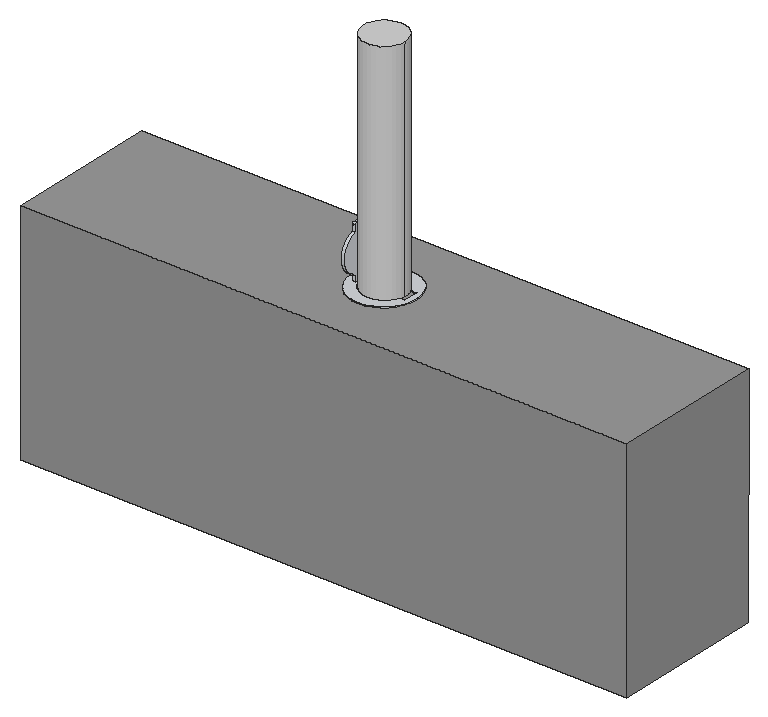
Revit family "Bollard-1_800_Bollards-Low_Speed-Internal_Locking_Removable-CS3", category Site, Revit 2017 (continued)
Definition of nested family "Nested-1_800_Bollards-Low_Speed-Mounting_Detail_Top"
  Dimensions and locks (in)
    aligned and locked: plane 6 "Right" to Filled region 1 sketch curve
    aligned and locked: Filled region 1 sketch curve to plane 4 "Bottom"
  Automatic sketch dimensions
    Masking region 4 sketch curve to Masking region 4 sketch curve = 0' - 0 1/4"
    Masking region 5 sketch curve to Masking region 5 sketch curve = 0' - 0 1/4"
    Masking region 6 sketch curve to Masking region 6 sketch curve = 0' - 0 1/4"
    Masking region 3 sketch curve to Masking region 3 sketch curve = 0' - 0 1/4"
    Masking region 7 sketch curve to Masking region 7 sketch curve = 0' - 0 1/4"
    Masking region 8 sketch curve to Masking region 8 sketch curve = 0' - 0 1/4"
    Masking region 9 sketch curve to Masking region 9 sketch curve = 0' - 0"
    Masking region 10 sketch curve to Masking region 10 sketch curve = 0' - 0.00219"
    Masking region 10 sketch curve to Masking region 10 sketch curve = 0' - 0.00236"
    Masking region 11 sketch curve to Masking region 11 sketch curve = 0' - 0.00027"
    Masking region 11 sketch curve to Masking region 11 sketch curve = 0' - 0.00048"
    Masking region 12 sketch curve to Masking region 12 sketch curve = 0' - 0"
    plane 3 "Center (Left/Right)" to Masking region 13 sketch curve = 0' - 0.00632"
    Masking region 13 sketch curve to Masking region 13 sketch curve = 0' - 0.00236"
    Masking region 14 sketch curve to plane 3 "Center (Left/Right)" = 0' - 0.00041"
    Masking region 14 sketch curve to plane 3 "Center (Left/Right)" = 0' - 0.00014"
    Masking region 15 sketch curve to Masking region 15 sketch curve = 0' - 0 1/4"
    Masking region 16 sketch curve to Masking region 16 sketch curve = 0' - 0 1/4"
Types (3): name | Type Comments | Thickness | Sloped Offset | Product Page URL | Product Documentation Link | Foundation Length | Dome Offset | Dome Height | Bollard Radius | Bollard Cap Radius | Assembly Code | 8 in Bollard | 6 in Bollard | 4 in Bollard
  6 in 20 mph | "6 in 20 mph Low Speed Crash Tested Bollard" | 0' - 6 159/256" | 0' - 6 159/256" | "https://1800bollards.com/20-mph-low-speed-crash-tested-bollards/" | "https://1800bollards.com/20-mph-low-speed-crash-tested-bollards/" | 8' - 0" | 0' - 2.91135" | 0' - 1.91135" | 0' - 3.31055" | 0' - 5.15039" | "G2020400" | no | yes | no
  4 in 10 mph | "4 in 10 mph Low Speed Crash Tested Bollard" | 0' - 4 1/2" | 0' - 4 1/2" | "https://1800bollards.com/10-mph-low-speed-crash-tested-bollards/" | "https://1800bollards.com/10-mph-low-speed-crash-tested-bollards/" | 5' - 0" | 0' - 2.29904" | 0' - 1.29904" | 0' - 2 1/4" | 0' - 4 23/256" | "G2020400" | no | no | yes
  8 in 30 mph | "8 in 30 mph Low Speed Crash Tested Bollard" | 0' - 8 159/256" | 0' - 8 159/256" | "https://1800bollards.com/30-mph-low-speed-crash-tested-bollards/" | "https://1800bollards.com/30-mph-low-speed-crash-tested-bollards/" | 8' - 0" | 0' - 3.4887" | 0' - 2.4887" | 0' - 4.31055" | 0' - 6.15039" | "G2010400" | yes | no | no
